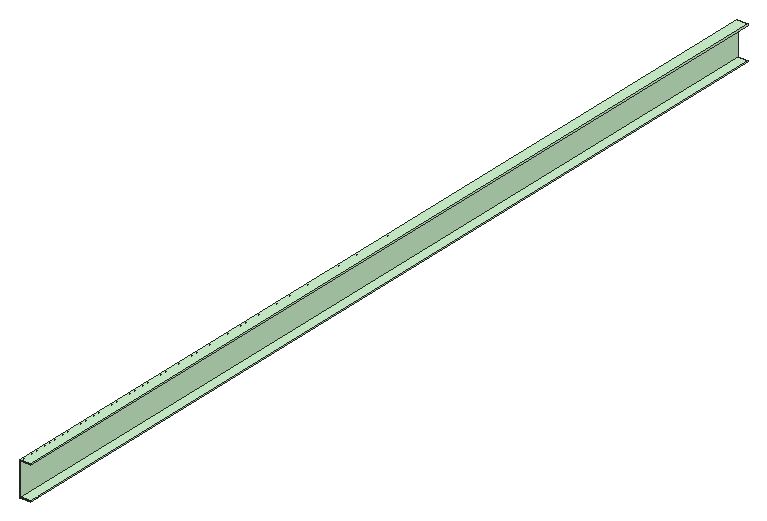
Revit family "nobuchiuke_cc19", category 機械設備, Revit 2022
Family settings
  丸型コネクタ寸法 = 直径を使用
  種別 = なし
  パーツ タイプ = 標準
  作業面ベース = いいえ
  常に垂直 = はい
  ロード時にボイドで切り取り = いいえ
  注釈の向きを維持 = いいえ
  共有 = いいえ
  部屋計算ポイント = いいえ
Parameters
  製造元 = "株式会社桐井製作所"
  既定の高さ = 0 mm
  URL = "https://www.kirii.co.jp/"
  K_長さ(mm) [instance] = 1000 mm
  K_材質 = "SGHC　一般用"
  K_断面積A(mm2) = 69
  K_断面係数Zy(mm3) = 91.5
  K_断面係数Zx(mm3) = 704.2
  K_断面2次半径iy(mm) = 3.5
  K_断面2次半径ix(mm) = 13.9
  K_断面2次モーメントIy(mm4) = 835.4
  K_断面2次モーメントIx(mm4) = 13380
  K_外形寸法(mm) = "38×12×1.2"
  K_品名 = "CC-19"
  K_名称 = "野縁受け"
  K_単位質量(kg/m) = 0.553
  K_ヤング係数E(N/mm2) = 205000
  K_バージョン情報 = "20210524"
  K_めっき付着量 = "Z12"
  K_JIS規格 = "JIS G 3302"
  K_JIS外 = not(K_JIS)  # no
  K_JIS = yes
Reference planes
  plane 1 "中心(正面/背面)": y = 0
  plane 2: z = 0
  plane 3 "中心(左/右)": x = 0
  plane 4: y = 1000
  plane 5: z = 38
Forms (mm)
  Extrusion 1, solid
    sketch origin (12, 0, 0) x (1, 0, 0) y (0, 0, 1)
      loop
        line (0, 38) -> (-12, 38) -> (-12, 0) -> (0, 0) -> (0, 1.2) -> (-10.8, 1.2) -> (-10.8, 36.8) -> (0, 36.8) -> (0, 38)
    from 0 to -1000
Dimensions and locks
  "K_長さ(mm)": plane 1 "中心(正面/背面)" to plane 4
  aligned and locked: level to plane 2
  aligned and locked: Extrusion 1 to plane 4
Automatic sketch dimensions
  Extrusion 1 sketch curve to plane 3 "中心(左/右)" = 0 mm
  Extrusion 1 sketch curve to plane 5 = 0 mm
  Extrusion 1 sketch curve to level = 0 mm
  level to Extrusion 1 sketch curve = 1.2 mm
  plane 3 "中心(左/右)" to Extrusion 1 sketch curve = 1.2 mm
  Extrusion 1 sketch curve to Extrusion 1 sketch curve = 1.2 mm
  Extrusion 1 sketch curve to Extrusion 1 sketch curve = 10.8 mm  (x2)
